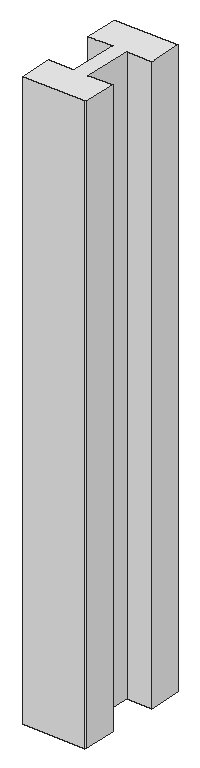
Revit family "M_Precast I-Shaped Column -  Double Forks", category Structural Columns, Revit 2022
Family settings
  Display in Hidden Views = Edges Hidden by Other Members
  Section Shape = Not Defined
  Material for Model Behavior = Precast Concrete
  Always export as geometry = No
  Beam cutback in plan = From bounding box
  Cut with Voids When Loaded = Yes
  Symbolic Representation = From Family
  Shared = No
  Show family pre-cut in plan views = Yes
Parameters (values of type "RC300x550mm")
  Join Cutback of Beam [instance] = Transverse Wall Thickness / 2  # 35 mm
  Transverse Wall Thickness [instance] = if([Seat on East-West Side], b - Fork Width Label * 2, h - Fork Width Label * 2)  # 70 mm
  L4 [instance] = if([Seat on East-West Side], (h - Fork Spacing) / 2, Fork Width Label)  # 160 mm
  L3 [instance] = if([Seat on East-West Side], Fork Width Label, (b - Fork Spacing) / 2)  # 115 mm
  L2 [instance] = if([Seat on East-West Side], (h - Fork Spacing) / 2, h / 2)  # 160 mm
  L1 [instance] = if([Seat on East-West Side], b / 2, (b - Fork Spacing) / 2)  # 150 mm
  Foundation Width Label [instance] = if(Foundation Width > 3500 mm, 3000 mm, Foundation Width)  # 1800 mm
  Foundation Width [instance] = 1800 mm
  Foundation Thickness Label [instance] = if(Foundation Thickness < 400 mm, 400 mm, if(Foundation Thickness > 800 mm, 800 mm, Foundation Thickness))  # 500 mm
  Foundation Thickness [instance] = 500 mm
  Foundation Offset [instance] = 0 mm
  Foundation Length Label [instance] = if(Foundation Length > 3000 mm, 3000 mm, Foundation Length)  # 1800 mm
  Foundation Length [instance] = 1800 mm
  Formwork Symbol Offset = 30 mm
  Formwork Symbol = yes
  Fork Height [instance] = h of Beam + Installation Tolerance  # 820 mm
  Structural Material [instance] = Reinforced Concrete - Precast Concrete
  Fork Thickness [instance] = if([Seat on East-West Side], (h - Fork Spacing) / 2, (b - Fork Spacing) / 2)  # 160 mm
  Seat on South-North Side [instance] = not([Seat on East-West Side])  # no
  Fork Spacing [instance] = b of Beam + Installation Tolerance * 2  # 230 mm
  b of Beam [instance] = 190 mm
  h of Beam [instance] = 800 mm
  Installation Tolerance = 20 mm
  Fork Width Label [instance] = if([Seat on East-West Side], if(b - 2 * Fork Width < 70 mm, (b - 70 mm) / 2, if(Fork Width < 200 mm, 200 mm, Fork Width)), if(h - 2 * Fork Width < 70 mm, (h - 70 mm) / 2, if(Fork Width < 200 mm, 200 mm, Fork Width)))  # 115 mm
  Fork Width [instance] = 200 mm
  Seat on East-West Side [instance] = yes
  Assembly Code = ""
  Chamfer = 5 mm
  b = 300 mm
  h = 550 mm
Types (2, lengths in mm): name | L4 | L3 | L2 | L1 | Fork Thickness | Fork Width Label | b | h
  RC300x550mm | 160 | 115 | 160 | 150 | 160 | 115 | 300 | 550
  RC400x650mm | 210 | 165 | 210 | 200 | 210 | 165 | 400 | 650
Reference planes
  plane 1 "Center (Front/Back)": y = 0
  plane 2: z = 0
  plane 3 "Center (Left/Right)": x = 0
  plane 4: x = -150
  plane 5: x = 150
  plane 6: y = 275
  plane 7: y = -275
  plane 8: x = -145
  plane 9: y = -270
  plane 10: x = 145
  plane 11: y = 270
  plane 12: z = 1923.2
  plane 13: y = 115
  plane 14: x = 0
  plane 15: x = 0
  plane 16: y = -115
  plane 17: x = -35
  plane 18: x = 35
  plane 19: y = 115
  plane 20: y = -115
  plane 21: x = -180
  plane 22: x = 180
  plane 23: y = 305
  plane 24: y = -305
  plane 25: z = 1943.2
  plane 26: y = 900
  plane 27: y = -900
  plane 28: x = -900
  plane 29: x = 900
  plane 30: z = 0
  plane 31: z = -500
Forms (mm)
  Extrusion 1, solid, material "Reinforced Concrete - Precast Concrete" <- "Structural Material"
    sketch origin (0, 0, 2143.2) x (0, 1, 0) y (-1, 0, 0)
      loop
        line (115, 0) -> (275, 0) -> (275, 145) -> (270, 150) -> (115, 150) -> (115, 0)
    from -2143.2 to 600
  Extrusion 2, solid, material "Reinforced Concrete - Precast Concrete" <- "Structural Material"
    sketch origin (0, 0, 2143.2) x (0, 1, 0) y (-1, 0, 0)
      loop
        line (275, 0) -> (115, 0) -> (115, -150) -> (270, -150) -> (275, -145) -> (275, 0)
    from -2143.2 to 600
  Extrusion 3, solid, material "Reinforced Concrete - Precast Concrete" <- "Structural Material"
    sketch origin (0, 0, 2143.2) x (0, 1, 0) y (-1, 0, 0)
      loop
        line (-115, 150) -> (-270, 150) -> (-275, 145) -> (-275, 0) -> (-115, 0) -> (-115, 150)
    from -2143.2 to 600
  Extrusion 4, solid, material "Reinforced Concrete - Precast Concrete" <- "Structural Material"
    sketch origin (0, 0, 2143.2) x (0, 1, 0) y (-1, 0, 0)
      loop
        line (-115, 0) -> (-275, 0) -> (-275, -145) -> (-270, -150) -> (-115, -150) -> (-115, 0)
    from -2143.2 to 600
  Extrusion 5, solid, material "Reinforced Concrete - Precast Concrete" <- "Structural Material"
    sketch origin (0, 0, 2143.2) x (0, 1, 0) y (-1, 0, 0)
      loop
        line (115, 35) -> (-115, 35) -> (-115, -35) -> (115, -35) -> (115, 35)
    from -2143.2 to 600
Cuts and joins
  joined: Extrusion 1, Extrusion 2, Extrusion 3, Extrusion 4, Extrusion 5
Dimensions and locks
  equal spacing: plane 4, plane 3 "Center (Left/Right)", plane 5
  equal spacing: plane 7, plane 1 "Center (Front/Back)", plane 6
  "h": plane 7 to plane 6
  "b": plane 4 to plane 5
  "Chamfer": plane 4 to plane 8
  "Chamfer": plane 10 to plane 5
  "Chamfer": plane 11 to plane 6
  "Chamfer": plane 7 to plane 9
  "L1": plane 4 to plane 14
  "L1": plane 15 to plane 5
  "L2": plane 13 to plane 6
  "L2": plane 16 to plane 7
  "L4": plane 19 to plane 6
  "L3": plane 4 to plane 17
  "L3": plane 18 to plane 5
  "L4": plane 20 to plane 7
  "Formwork Symbol Offset": plane 23 to plane 6
  "Formwork Symbol Offset": plane 7 to plane 24
  "Formwork Symbol Offset": plane 21 to plane 4
  "Formwork Symbol Offset": plane 5 to plane 22
  "Installation Tolerance": plane 25 to plane 12
  "h of Beam": level to plane 25
  equal spacing: plane 28, plane 3 "Center (Left/Right)", plane 29
  "Foundation Length Label": plane 28 to plane 29
  equal spacing: plane 26, plane 1 "Center (Front/Back)", plane 27
  "Foundation Width Label": plane 26 to plane 27
  "Foundation Offset": plane 30 to plane 2
  "Foundation Thickness Label": plane 30 to plane 31
  aligned and locked: level to plane 2
  aligned and locked: plane 6 to Extrusion 1 sketch curve  (x2)
  aligned and locked: plane 14 to Extrusion 1 sketch curve  (x2)
  aligned and locked: plane 4 to Extrusion 1 sketch curve  (x2)
  aligned and locked: Extrusion 1 sketch curve to plane 13
  aligned and locked: plane 11 to Extrusion 1 sketch curve
  aligned and locked: plane 8 to Extrusion 1 sketch curve
  aligned and locked: plane 6 to Extrusion 2 sketch curve  (x2)
  aligned and locked: plane 15 to Extrusion 2 sketch curve
  aligned and locked: plane 13 to Extrusion 2 sketch curve
  aligned and locked: plane 5 to Extrusion 2 sketch curve
  aligned and locked: plane 11 to Extrusion 2 sketch curve
  aligned and locked: plane 10 to Extrusion 2 sketch curve
  aligned and locked: Extrusion 3 sketch curve to plane 16
  aligned and locked: Extrusion 3 sketch curve to plane 4
  aligned and locked: Extrusion 3 sketch curve to plane 7
  aligned and locked: Extrusion 3 sketch curve to plane 14
  aligned and locked: plane 7 to Extrusion 3 sketch curve
  aligned and locked: plane 8 to Extrusion 3 sketch curve
  aligned and locked: plane 9 to Extrusion 3 sketch curve
  aligned and locked: Extrusion 4 sketch curve to plane 16
  aligned and locked: plane 15 to Extrusion 4 sketch curve
  aligned and locked: plane 5 to Extrusion 4 sketch curve  (x2)
  aligned and locked: plane 10 to Extrusion 4 sketch curve
  aligned and locked: plane 7 to Extrusion 4 sketch curve
  aligned and locked: plane 9 to Extrusion 4 sketch curve
  aligned and locked: level to Extrusion 3
  aligned and locked: level to Extrusion 4
  aligned and locked: level to Extrusion 1
  aligned and locked: level to Extrusion 2
  aligned and locked: Extrusion 5 sketch curve to plane 19
  aligned and locked: plane 17 to Extrusion 5 sketch curve
  aligned and locked: plane 20 to Extrusion 5 sketch curve
  aligned and locked: Extrusion 5 sketch curve to plane 18
  aligned and locked: level to Extrusion 5
  aligned and locked: nested 4 to plane 24
  aligned and locked: plane 21 to nested 1
  aligned and locked: plane 1 "Center (Front/Back)" to nested 1
  aligned and locked: plane 22 to nested 3
  aligned and locked: plane 1 "Center (Front/Back)" to nested 3
  aligned and locked: nested 2 to plane 23
  aligned and locked: plane 3 "Center (Left/Right)" to nested 2
  aligned and locked: plane 3 "Center (Left/Right)" to nested 4
  aligned and locked: Extrusion 3 to level
  aligned and locked: Extrusion 1 to level
  aligned and locked: Extrusion 5 to level
  aligned and locked: Extrusion 4 to level
  aligned and locked: Extrusion 2 to level
Nested families
  nested 1: "Formwork Symbol" at (-180, 0, 2143.2), visible <- "Formwork Symbol", type "Formwork Symbol", detail levels fine
  nested 2: "Formwork Symbol" at (0, 305, 2143.2), visible <- "Formwork Symbol", type "Formwork Symbol", detail levels fine
  nested 3: "Formwork Symbol" at (180, 0, 2143.2), visible <- "Formwork Symbol", type "Formwork Symbol", detail levels fine
  nested 4: "Formwork Symbol" at (0, -305, 2143.2), visible <- "Formwork Symbol", type "Formwork Symbol", detail levels fine
Definition of nested family "Formwork Symbol"
  Parameters (values of type "Formwork Symbol")
    D = 15 mm
  Reference planes
    plane 1 "Center (Front/Back)": y = 0
    plane 2: z = 0
    plane 3 "Center (Left/Right)": x = 0
  Lines and regions (mm)
    Filled region 1, type "Solid Fill - Black", in view "Ref. Level"
      outline origin (0, 0, 0) x (1, 0, 0) y (0, 1, 0)
        loop
          circle (0, 0) r 7.5
  Dimensions and locks
    "D": diameter of Filled region 1 sketch curve
    aligned and locked: plane 1 "Center (Front/Back)" to Filled region 1 sketch curve
    aligned and locked: plane 3 "Center (Left/Right)" to Filled region 1 sketch curve
